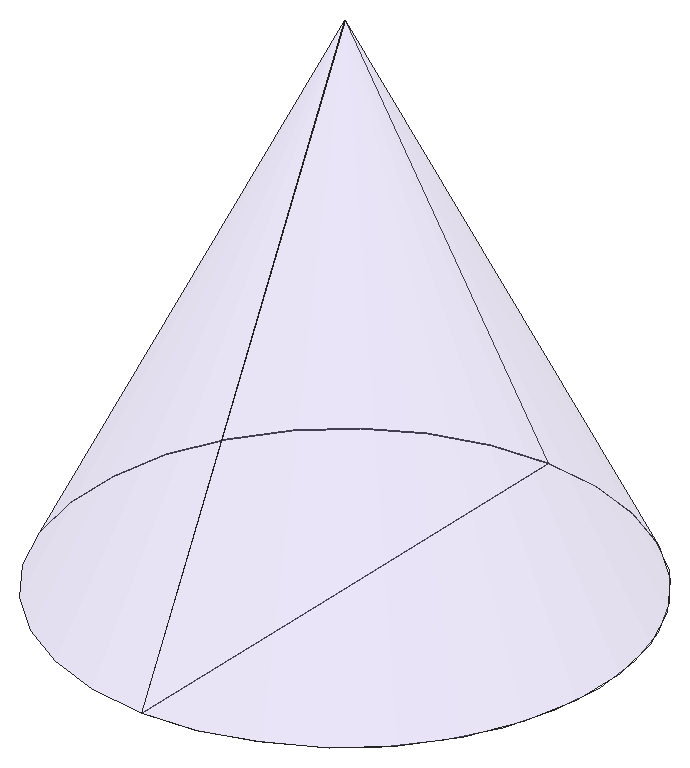
Revit family
Parameters
  Radius [instance] = 4500 mm
  Mass Material [instance] = Default Mass
  Height [instance] = 9000 mm
  Default Elevation = 1219.2 mm
Reference planes
  plane 1 "Center (Front/Back)": y = 12.955
  plane 2: z = 0
  plane 3 "Center (Left/Right)": x = -30.261
  plane 4: z = 9000
  plane 5: y = 4512.955
  plane 6: x = 4469.739
  plane 7: y = -4487.045
  plane 8: x = -4530.261
Forms (mm)
  Revolve 1, solid, material "Default Mass" <- "Mass Material"
    sketch origin (-30.261, 0, 0) x (0, 1, 0) y (0, 0, 1)
      loop
        line (12.955, 9000) -> (12.955, 0) -> (4512.955, 0) -> (12.955, 9000)
      axis (12.955, 0) -> (12.955, 9000)
    angle from 0 to 360
Dimensions and locks
  "Radius": Revolve 1 sketch curve to plane 1 "Center (Front/Back)"
  "Radius": plane 5 to plane 1 "Center (Front/Back)"
  "Radius": plane 7 to plane 1 "Center (Front/Back)"
  "Radius": plane 3 "Center (Left/Right)" to plane 6
  "Radius": plane 8 to plane 3 "Center (Left/Right)"
  "Height": plane 4 to plane 2
  locked: plane 2 to level
  aligned and locked: plane 4 to Revolve 1 sketch curve
  aligned and locked: plane 1 "Center (Front/Back)" to Revolve 1 sketch curve
  aligned and locked: Revolve 1 sketch curve to plane 2
Automatic sketch dimensions
  Revolve 1 sketch curve to plane 1 "Center (Front/Back)" = 0 mm
  plane 4 to Revolve 1 sketch curve = 914.4 mm
  Revolve 1 sketch curve to Revolve 1 sketch curve = 1828.8 mm
